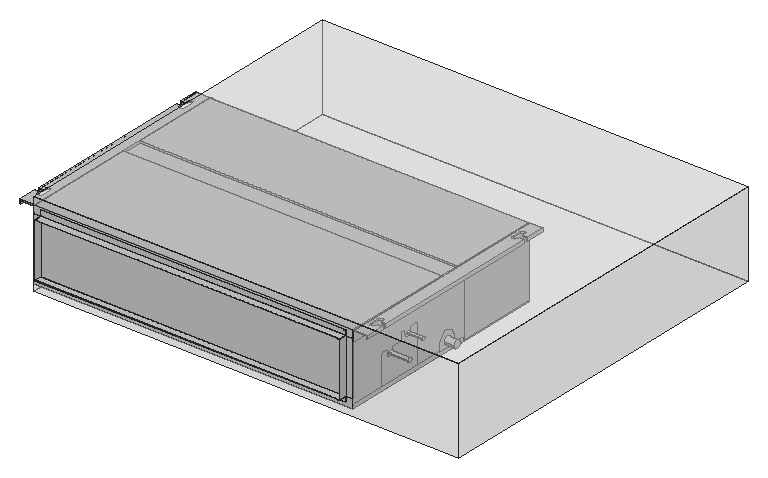
Revit family "outputfile", category 機械設備, Revit 2024
Family settings
  丸型コネクタ寸法 = 半径を使用
  パーツ タイプ = 標準
  OmniClass 番号 = 23.75.10.24.21.27.27
  OmniClass タイトル = Split System Air Conditioning Units
  作業面ベース = いいえ
  常に垂直 = はい
  ロード時にボイドで切り取り = いいえ
  注釈の向きを維持 = いいえ
  共有 = いいえ
  部屋計算ポイント = はい
Parameters (values of type "CDXM25RVMA")
  Description = ""
  書き出し IFC クラス(タイプ) = "IfcUnitaryEquipmentType"
  定義済み IFC タイプ(タイプ) = "AIRCONDITIONINGUNIT"
  Cost = 0
  Type Comments = ""
  Keynote = ""
  Type Image = (empty or 0)
  Assembly Code = ""
  switch_frequency = yes
  ld_powersupply = Depth / 2  # 310.0 mm
  製造元 = "Daikin"
  モデル = "CDXM25RVMA"
  r_Liquid Pipe Size = Liquid Pipe Size / 2  # 3.2 mm
  r_Gas Pipe Size = Gas Pipe Size / 2  # 4.75 mm
  r_Drain Pipe Size = Drain Pipe Size / 2  # 10.0 mm
  lw_powersupply = 50.0 mm  # constant formula
  lw_ductflange2 = 820.0 mm
  lw_Width = 860.0 mm
  lh_suctionflange [instance] = 100.0 mm  # constant formula
  ld_suctionflange [instance] = if(Rear Connection_Return Air, 190.0 mm, 100.0 mm)  # 190.0 mm
  connector_voltage = Voltage_50Hz  # 230 V
  connector_powerinput = if([Power Input (Cooling)] > [Power Input (Heating)], [Power Input (Cooling)], [Power Input (Heating)])  # 0.000 kW
  connector_phase = Phase_50Hz  # 1
  angle_vertical_RA [instance] = if(Rear Connection_Return Air, 90.00°, 0.00°)  # 90.00°
  angle horizontal_RA [instance] = if(Rear Connection_Return Air, 180.00°, 270.00°)  # 180.00°
  Voltage_comment_50Hz = "220 - 240"
  Voltage_50Hz = 230 V
  URL = ""
  Supply Air Direction [instance] = yes
  Sound Power Level_H speed (dB) = 0
  Rear Connection_Return Air [instance] = not(Bottom Connection_Return Air)  # yes
  RA_length [instance] = if(Rear Connection_Return Air, 190.0 mm, 100.0 mm)  # 190.0 mm
  Phase_50Hz = 1
  Minimum External Static Pressure = 0.00 Pa
  Minimum Circuit Amps_50Hz = 0.0 A
  Maximum Fuse Amps_50Hz = 0.0 A
  Maximum External Static Pressure = 40.00 Pa
  Material_Casing = DAIKIN_GalvanizedSteel_Casing_indoorunit
  lw_liquidpipe = 46.0 mm  # constant formula
  lw_gaspipe = 57.0 mm  # constant formula
  lw_mountinghole = 940.0 mm
  lw_drainpipe = 30.0 mm  # constant formula
  lh_powersupply = 150.0 mm  # constant formula
  lh_liquidpipe = 90.0 mm  # constant formula
  lh_gaspipe = 113.0 mm  # constant formula
  lh_mountinghole = Height  # 200.0 mm
  lh_drainpipe = 170.0 mm  # constant formula
  lh_antena = 1.0 mm  # constant formula
  ld_liquidpipe = 193.0 mm  # constant formula
  ld_gaspipe = 130.0 mm  # constant formula
  ld_mountinghole = 500.0 mm  # constant formula
  ld_drainpipe = 330.0 mm  # constant formula
  ld_controlbox = 626.0 mm  # constant formula
  h*** = 0.0 mm  # constant formula
  d_dischargeflange = 21.2 mm  # constant formula
  Width = 900.0 mm
  Version = "ver.1.0"
  Unit Type = "Duct(L.S.P)"
  Unit Mass Weight = 25.00 kg
  Unit Designation [instance] = ""
  Uniclass2015Version = "Products v1.30"
  Uniclass2015Title = "Split coil room air conditioning units"
  Uniclass2015Code = "Pr_70_65_03_86"
  Total Heating Capacity [instance] = 0.000 kW
  Total Cooling Capacity [instance] = 0.000 kW
  Sound Pressure Level_M speed (dBA) = 33
  Sound Pressure Level_L speed (dBA) = 31
  Sound Pressure Level_H speed (dBA) = 35
  Series = "Multi Split_Fan Coil Unit"
  Sensible Cooling Capacity [instance] = 0.000 kW
  SA Duct Size Width = 860.0 mm
  SA Duct Size Height = 153.0 mm
  Refrigerant Type = "R32"
  RA Duct Size Width = 780.0 mm
  RA Duct Size Height = 160.0 mm
  Power Input (Heating) = 0.000 kW
  Power Input (Cooling) = 0.000 kW
  Option Accessory 3 [instance] = ""
  Option Accessory 2 [instance] = ""
  Option Accessory 1 [instance] = ""
  Nominal Heating Capacity = 3.400 kW
  Nominal Cooling Capacity = 2.500 kW
  Minimum Airflow = 480.00 m³/h
  Median Airflow = 528.00 m³/h
  Maximum Airflow = 570.00 m³/h
  Load Classification = HVAC
  Liquid Pipe Size = 6.4 mm
  Link_Nested Family [instance] = ""
  IfcVersion = ""
  IfcExportType = "AIRCONDITIONINGUNIT"
  IfcExportAs = "IfcUnitaryEquipmentType"
  Height = 200.0 mm
  Heating Entering Wet Bulb Temperature [instance] = 0.00 °C
  Heating Entering Dry Bulb Temperature [instance] = 0.00 °C
  Heating Ambient Wet Bulb Temperature [instance] = 0.00 °C
  Heating Ambient Dry Bulb Temperature [instance] = 0.00 °C
  Heat Exchanger Type = "Cross Fin Coil"
  Gas Pipe Size = 9.5 mm
  Frequency_50Hz = 50 Hz
  Fan Type = "Sirocco Fan"
  Fan Drive = "Direct Drive"
  FCU Tag No. [instance] = ""
  Drain Pipe Size = 20.0 mm
  Design Supply Airflow [instance] = 0.00 m³/h
  Design Return Airflow [instance] = 0.00 m³/h
  Design External Static Pressure [instance] = 0.00 Pa
  Depth = 620.0 mm
  既定の高さ = 0.0 mm
  Cooling Entering Wet Bulb Temperature [instance] = 0.00 °C
  Cooling Entering Dry Bulb Temperature [instance] = 0.00 °C
  Cooling Ambient Wet Bulb Temperature [instance] = 0.00 °C
  Cooling Ambient Dry Bulb Temperature [instance] = 0.00 °C
  Clearance visibility [instance] = yes
  Clearance Top = 20.0 mm
  Clearance Right = 300.0 mm
  Clearance Rear = 400.0 mm
  Clearance Left = 0.0 mm
  Clearance Front = 0.0 mm
  Clearance Bottom = 20.0 mm
  Bottom Connection_Return Air [instance] = no
Reference planes
  plane 1 "Center (Front/Back)": y = 0
  plane 2: z = 0
  plane 3 "Center (Left/Right)": x = 0
  plane 4 "Back": y = 310
  plane 5 "Front": y = -310
  plane 6 "Left": x = -450
  plane 7 "Right": x = 450
  plane 8 "Top": z = 0
  plane 9 "Bottom": z = -200
  plane 10: x = -470
  plane 11: x = 470
  plane 12: y = 250
  plane 13: z = 0
  plane 14 "Clearance Left": x = -450
  plane 15 "Clearance Right": x = 750
  plane 16 "Clearance Rear": y = 710
  plane 17 "Clearance Front": y = -310
  plane 18 "Clearance Top": z = 20
  plane 19 "Clearance Bottom": z = -220
  plane 20: y = -250
  plane 21: z = -21
  plane 22: z = -97.5
  plane 23: x = -40
  plane 24: y = 120
  plane 25: z = -100
  plane 26: y = -180
  plane 27: z = -113
  plane 28: y = -117
  plane 29: z = -90
  plane 30: y = 20
  plane 31: z = -170
  plane 32: x = 507
  plane 33: x = 496
  plane 34: x = 480
  plane 35: x = 400
  plane 36: z = -150
Forms (mm)
  Extrusion 1, solid, material "DAIKIN_GalvanizedSteel_Casing_indoorunit" <- "Material_Casing"
    sketch origin (0, 0, 0) x (1, 0, 0) y (0, 1, 0)
      loop
        line (-450, -310) -> (450, -310) -> (450, 310) -> (-450, 310) -> (-450, -310)
    from -200 to 0
  Extrusion 2, void
    sketch origin (0, 0, 1) x (1, 0, 0) y (0, 1, 0)
      loop
        line (-450, 61.5) -> (-450, 3.5) -> (450, 3.5) -> (450, 61.5) -> (-450, 61.5)
    from -1 to -7
  Extrusion 3, solid, material "DAIKIN_GalvanizedSteel_Casing_indoorunit" <- "Material_Casing", visible <- "Bottom Connection_Return Air"
    sketch origin (0, 0, 0) x (1, 0, 0) y (0, 0, 1)
      loop
        line (369, -200) -> (369, -1) -> (-449, -1) -> (-449, -200) -> (369, -200)
    from -310 to -309
  Extrusion 4, solid, material "DAIKIN_GalvanizedSteel_Casing_indoorunit" <- "Material_Casing", visible <- "Rear Connection_Return Air"
    sketch origin (0, 0, 0) x (1, 0, 0) y (0, 1, 0)
      loop
        line (-449, 310) -> (-449, 111) -> (369, 111) -> (369, 310) -> (-449, 310)
    from -200 to -199
  Extrusion 5, solid, material "DAIKIN_GalvanizedSteel_Casing_indoorunit" <- "Material_Casing"
    sketch origin (450, 0, 0) x (0, 1, 0) y (0, 0, 1)
      loop
        circle (-180, -113) r 4.75
    from 0 to 57
  Extrusion 6, solid, material "DAIKIN_GalvanizedSteel_Casing_indoorunit" <- "Material_Casing"
    sketch origin (450, 0, 0) x (0, 1, 0) y (0, 0, 1)
      loop
        circle (-117, -90) r 3.2
    from 0 to 46
  Extrusion 7, solid, material "DAIKIN_GalvanizedSteel_Casing_indoorunit" <- "Material_Casing"
    sketch origin (450, 0, 0) x (0, 1, 0) y (0, 0, 1)
      loop
        circle (20, -170) r 10
    from 0 to 30
  Extrusion 8, solid, material "DAIKIN_GalvanizedSteel_Casing_indoorunit" <- "Material_Casing"
    sketch origin (450, 0, 0) x (0, 1, 0) y (0, 0, 1)
      loop
        line (-310, -200) -> (78.6, -200) -> (78.6, -193)
        arc (78.6, -193) -> (77.721, -190.879) -> (75.6, -190) r 3
        line (75.6, -190) -> (-310, -190) -> (-310, -200)
    from 0 to -1
  Extrusion 9, solid, material "DAIKIN_GalvanizedSteel_Casing_indoorunit" <- "Material_Casing"
    sketch origin (450, 0, 0) x (0, 1, 0) y (0, 0, 1)
      loop
        line (-210, -190) -> (-85.6, -190) -> (-85.6, -83)
        arc (-85.6, -83) -> (-86.479, -80.879) -> (-88.6, -80) r 3
        line (-88.6, -80) -> (-102, -80)
        arc (-102, -80) -> (-104.121, -80.879) -> (-105, -83) r 3
        line (-105, -83) -> (-105, -90)
        arc (-105, -90) -> (-117, -102) -> (-129, -90) r 12
        line (-129, -90) -> (-129, -83)
        arc (-129, -83) -> (-129.879, -80.879) -> (-132, -80) r 3
        line (-132, -80) -> (-136.1, -80)
        arc (-136.1, -80) -> (-138.221, -80.879) -> (-139.1, -83) r 3
        line (-139.1, -83) -> (-139.1, -102.7) -> (-165, -102.7)
        arc (-165, -102.7) -> (-167.121, -103.579) -> (-168, -105.7) r 3
        line (-168, -105.7) -> (-168, -113)
        arc (-168, -113) -> (-180, -125) -> (-192, -113) r 12
        line (-192, -113) -> (-192, -105.7)
        arc (-192, -105.7) -> (-192.879, -103.579) -> (-195, -102.7) r 3
        line (-195, -102.7) -> (-207, -102.7)
        arc (-207, -102.7) -> (-209.121, -103.579) -> (-210, -105.7) r 3
        line (-210, -105.7) -> (-210, -190)
    from 0 to -1
  Extrusion 10, solid, material "DAIKIN_GalvanizedSteel_Casing_indoorunit" <- "Material_Casing"
    sketch origin (450, 0, 0) x (0, 1, 0) y (0, 0, 1)
      loop
        arc (44.5, -170) -> (20, -145.5) -> (-4.5, -170) r 24.5
        line (-4.5, -170) -> (-4.5, -190) -> (44.5, -190) -> (44.5, -170)
    from 0 to -1
  Extrusion 11, solid, material "DAIKIN_GalvanizedSteel_Casing_indoorunit" <- "Material_Casing"
    sketch origin (450, 0, 0) x (0, 1, 0) y (0, 0, 1)
      loop
        arc (86.6, -22) -> (84.479, -22.879) -> (83.6, -25) r 3
        line (83.6, -25) -> (83.6, -194.5)
        arc (83.6, -194.5) -> (84.479, -196.621) -> (86.6, -197.5) r 3
        line (86.6, -197.5) -> (307, -197.5)
        arc (307, -197.5) -> (309.121, -196.621) -> (310, -194.5) r 3
        line (310, -194.5) -> (310, -25)
        arc (310, -25) -> (309.121, -22.879) -> (307, -22) r 3
        line (307, -22) -> (86.6, -22)
    from 0 to -1
Cuts and joins
  Extrusion 2 cuts Extrusion 1
Dimensions and locks
  "Height": plane 8 "Top" to plane 9 "Bottom"
  equal spacing: plane 10, plane 3 "Center (Left/Right)", plane 11
  "lw_mountinghole": plane 10 to plane 11
  equal spacing: plane 6 "Left", plane 3 "Center (Left/Right)", plane 7 "Right"
  "Width": plane 6 "Left" to plane 7 "Right"
  "Clearance Right": plane 7 "Right" to plane 15 "Clearance Right"
  "Clearance Left": plane 14 "Clearance Left" to plane 6 "Left"
  "Clearance Rear": plane 16 "Clearance Rear" to plane 4 "Back"
  "Clearance Front": plane 5 "Front" to plane 17 "Clearance Front"
  "Clearance Top": plane 18 "Clearance Top" to plane 8 "Top"
  "Clearance Bottom": plane 9 "Bottom" to plane 19 "Clearance Bottom"
  "Depth": plane 4 "Back" to plane 5 "Front"
  equal spacing: plane 4 "Back", plane 1 "Center (Front/Back)", plane 5 "Front"
  Extrusion 3 sketch curve to Extrusion 3 sketch curve = 199.0 mm
  locked: plane 20 to plane 5 "Front" at 60
  "ld_mountinghole": plane 12 to plane 20
  locked: plane 8 "Top" to plane 21 at 21
  locked: plane 23 to plane 3 "Center (Left/Right)" at 40
  "ld_suctionflange": plane 4 "Back" to plane 24
  "lh_suctionflange": plane 8 "Top" to plane 25
  "ld_gaspipe": plane 26 to plane 5 "Front"
  "lh_gaspipe": plane 8 "Top" to plane 27
  "ld_liquidpipe": plane 28 to plane 5 "Front"
  "lh_liquidpipe": plane 8 "Top" to plane 29
  "ld_drainpipe": plane 30 to plane 5 "Front"
  "lh_drainpipe": plane 8 "Top" to plane 31
  "lw_gaspipe": plane 7 "Right" to plane 32
  "lw_liquidpipe": plane 7 "Right" to plane 33
  "lw_drainpipe": plane 7 "Right" to plane 34
  "lw_powersupply": plane 35 to plane 7 "Right"
  "lh_powersupply": plane 8 "Top" to plane 36
  "r_Gas Pipe Size": radius of Extrusion 5 sketch curve
  "r_Liquid Pipe Size": radius of Extrusion 6 sketch curve
  "r_Drain Pipe Size": radius of Extrusion 7 sketch curve
  aligned and locked: level to plane 2
  aligned and locked: Extrusion 1 to plane 9 "Bottom"
  aligned and locked: plane 8 "Top" to Extrusion 1
  aligned and locked: plane 11 to nested 2
  aligned and locked: plane 10 to nested 3
  aligned and locked: plane 10 to nested 4
  aligned and locked: plane 8 "Top" to Extrusion 2
  aligned and locked: plane 9 "Bottom" to Extrusion 4  (x2)
  aligned and locked: plane 7 "Right" to cut or joined group of Extrusion 1, Extrusion 2  (x2)
  aligned and locked: plane 3 "Center (Left/Right)" to nested 9
  aligned and locked: plane 6 "Left" to nested 7
  aligned and locked: plane 8 "Top" to nested 9
  aligned and locked: plane 11 to nested 1
  aligned and locked: nested 6 to plane 1 "Center (Front/Back)"
  aligned and locked: plane 3 "Center (Left/Right)" to nested 6
  aligned and locked: level to plane 8 "Top"
  aligned and locked: plane 1 "Center (Front/Back)" to nested 9
  aligned and locked: plane 5 "Front" to nested 10
  aligned and locked: Extrusion 1 sketch curve to plane 5 "Front"
  aligned and locked: plane 21 to nested 10
  aligned and locked: nested 5 to plane 5 "Front"
  aligned and locked: plane 3 "Center (Left/Right)" to nested 5
  aligned and locked: plane 22 to nested 5
  aligned and locked: Extrusion 2 sketch curve to plane 6 "Left"
  aligned and locked: plane 7 "Right" to Extrusion 2 sketch curve
  aligned and locked: nested 11 to plane 23
  aligned and locked: nested 11 to plane 24
  aligned and locked: plane 27 to Extrusion 5 sketch curve
  aligned and locked: plane 26 to Extrusion 5 sketch curve
  aligned and locked: plane 28 to Extrusion 6 sketch curve
  aligned and locked: plane 29 to Extrusion 6 sketch curve
  aligned and locked: plane 31 to Extrusion 7 sketch curve
  aligned and locked: plane 30 to Extrusion 7 sketch curve
  aligned and locked: plane 26 to nested 12
  aligned and locked: nested 12 to plane 27
  aligned and locked: plane 32 to Extrusion 5
  aligned and locked: plane 32 to nested 12
  aligned and locked: plane 33 to Extrusion 6
  aligned and locked: plane 28 to nested 13
  aligned and locked: nested 13 to plane 29
  aligned and locked: plane 33 to nested 13
  aligned and locked: plane 34 to Extrusion 7
  aligned and locked: plane 30 to nested 14
  aligned and locked: nested 14 to plane 31
  aligned and locked: plane 34 to nested 14
  aligned and locked: Extrusion 8 sketch curve to plane 9 "Bottom"
  aligned and locked: Extrusion 8 sketch curve to plane 5 "Front"
  aligned and locked: plane 14 "Clearance Left" to nested 15
  aligned and locked: plane 15 "Clearance Right" to nested 15
  aligned and locked: plane 16 "Clearance Rear" to nested 15
  aligned and locked: nested 15 to plane 17 "Clearance Front"
  aligned and locked: nested 15 to plane 18 "Clearance Top"
  aligned and locked: nested 15 to plane 19 "Clearance Bottom"
  aligned and locked: nested 16 to plane 35
  aligned and locked: nested 16 to plane 36
  aligned and locked: plane 4 "Back" to nested 16
Automatic sketch dimensions
  Extrusion 1 sketch curve to plane 4 "Back" = 0.0 mm
  Extrusion 1 sketch curve to plane 6 "Left" = 0.0 mm
  Extrusion 1 sketch curve to plane 7 "Right" = 0.0 mm
  Extrusion 4 sketch curve to plane 4 "Back" = 0.0 mm
  plane 6 "Left" to Extrusion 3 sketch curve = 1.0 mm
  plane 6 "Left" to Extrusion 4 sketch curve = 1.0 mm
  Extrusion 4 sketch curve to plane 1 "Center (Front/Back)" = 111.0 mm
  Extrusion 3 sketch curve to plane 9 "Bottom" = 0.0 mm
  Extrusion 3 sketch curve to plane 7 "Right" = 81.0 mm
  Extrusion 4 sketch curve to plane 7 "Right" = 81.0 mm
  Extrusion 2 sketch curve to plane 1 "Center (Front/Back)" = 3.5 mm
  Extrusion 2 sketch curve to Extrusion 2 sketch curve = 58.0 mm
  plane 9 "Bottom" to Extrusion 8 sketch curve = 7.0 mm
  Extrusion 8 sketch curve to plane 24 = 44.4 mm
  Extrusion 8 sketch curve to Extrusion 8 sketch curve = 3.0 mm
  Extrusion 9 sketch curve to plane 27 = 0.0 mm
  Extrusion 9 sketch curve to plane 26 = 0.0 mm
  Extrusion 9 sketch curve to plane 29 = 0.0 mm
  Extrusion 9 sketch curve to plane 28 = 0.0 mm
  Extrusion 9 sketch curve to plane 26 = 12.0 mm
  Extrusion 9 sketch curve to plane 25 = 2.7 mm  (x2)
  Extrusion 9 sketch curve to Extrusion 9 sketch curve = 3.0 mm  (x6)
  Extrusion 9 sketch curve to Extrusion 9 sketch curve = 12.0 mm
  plane 9 "Bottom" to Extrusion 9 sketch curve = 10.0 mm
  Extrusion 9 sketch curve to plane 26 = 30.0 mm
  Extrusion 9 sketch curve to plane 28 = 22.1 mm
  Extrusion 9 sketch curve to Extrusion 9 sketch curve = 4.1 mm
  plane 29 to Extrusion 9 sketch curve = 7.0 mm  (x2)
  Extrusion 9 sketch curve to Extrusion 9 sketch curve = 13.4 mm
  Extrusion 10 sketch curve to plane 30 = 0.0 mm
  Extrusion 10 sketch curve to plane 31 = 0.0 mm
  plane 1 "Center (Front/Back)" to Extrusion 10 sketch curve = 4.5 mm
  plane 9 "Bottom" to Extrusion 10 sketch curve = 10.0 mm
  Extrusion 11 sketch curve to plane 4 "Back" = 0.0 mm
  Extrusion 11 sketch curve to Extrusion 11 sketch curve = 3.0 mm  (x3)
  Extrusion 11 sketch curve to plane 21 = 1.0 mm
  Extrusion 11 sketch curve to plane 21 = 4.0 mm
  Extrusion 11 sketch curve to plane 24 = 33.4 mm
  plane 9 "Bottom" to Extrusion 11 sketch curve = 5.5 mm
Nested families
  nested 1: "daikin_mountinghole" at (470, 250, -200), l_antenna <- "lh_antena", Link_Nested Family <- "Link_Nested Family", h_mountinghole <- "lh_mountinghole", type "daikin_mountinghole"
    with show yes, l_antenna 1.0 mm, h_mountinghole 200.0 mm, Link_Nested Family ""
  nested 2: "daikin_mountinghole" at (470, -250, -200), Link_Nested Family <- "Link_Nested Family", l_antenna <- "lh_antena", h_mountinghole <- "lh_mountinghole", type "daikin_mountinghole"
    with show yes, l_antenna 1.0 mm, h_mountinghole 200.0 mm, Link_Nested Family ""
  nested 3: "daikin_mountinghole" at (-470, -250, -200), l_antenna <- "lh_antena", Link_Nested Family <- "Link_Nested Family", h_mountinghole <- "lh_mountinghole", type "daikin_mountinghole"
    with show yes, l_antenna 1.0 mm, h_mountinghole 200.0 mm, Link_Nested Family ""
  nested 4: "daikin_mountinghole" at (-470, 250, -200), l_antenna <- "lh_antena", Link_Nested Family <- "Link_Nested Family", h_mountinghole <- "lh_mountinghole", type "daikin_mountinghole"
    with show yes, l_antenna 1.0 mm, h_mountinghole 200.0 mm, Link_Nested Family ""
  nested 5: "daikin_connector_rotate2" at (0, -310, -97.5), length <- "d_dischargeflange", type "daikin_connector_rotate2"
    with radius 10.0 mm, length 21.2 mm, angle_vertical 90.00°, show_face no
  nested 6: "daikin_△_symbolicline" at (-75, -129.904, 200) x (-0.5, 0.866, 0) z (0, 0, 1), built-in parameter 1001364 <- "Height", visible <- "Supply Air Direction", type "daikin_△_symbolicline"
    with length 300.0 mm
  nested 7: "daikin_ductflange_CDXM-RVMA_1" at (-40, 310, -100), visible <- "Rear Connection_Return Air", material <- "Material_Casing", width <- "lw_ductflange2", type "daikin_ductflange_CDXM-RVMA_1"
    with width 820.0 mm, material DAIKIN_GalvanizedSteel_Casing_indoorunit, height 180.0 mm, depth 21.2 mm
  nested 8: "daikin_ductflange_CDXM-RVMA_1" at (-40, 210, -200) x (1, 0, 0) z (0, 1, 0), visible <- "Bottom Connection_Return Air", material <- "Material_Casing", width <- "lw_ductflange2", type "daikin_ductflange_CDXM-RVMA_1"
    with width 820.0 mm, material DAIKIN_GalvanizedSteel_Casing_indoorunit, height 180.0 mm, depth 21.2 mm
  nested 9: "daikin_hangerfixture_CDXM-RVMA" at (0, 0, 0), type "daikin_hangerfixture_CDXM-RVMA"
    with width 900.0 mm
  nested 10: "daikin_ductflange_CDXM-RVMA" at (0, 3.5, -364.201), width <- "lw_Width", material <- "Material_Casing", type "daikin_ductflange_CDXM-RVMA"
    with width 860.0 mm, material DAIKIN_GalvanizedSteel_Casing_indoorunit, height 155.0 mm, depth 21.2 mm
  nested 11: "daikin_connector_rotate3" at (-40, 120, -100), length <- "RA_length", angle_vertical <- "angle_vertical_RA", angle_horizontal <- "angle horizontal_RA", type "daikin_connector_rotate3"
    with show no, radius 10.0 mm, length 190.0 mm, angle_vertical 90.00°, angle_horizontal 180.00°
  nested 12: "daikin_connector_rotate2" at (450, -180, -113) x (0, 1, 0) z (0, 0, 1), length <- "lw_gaspipe", radius <- "r_Gas Pipe Size", type "daikin_connector_rotate2"
    with radius 4.75 mm, length 57.0 mm, angle_vertical 90.00°, show_face no
  nested 13: "daikin_connector_rotate2" at (450, -117, -90) x (0, 1, 0) z (0, 0, 1), radius <- "r_Liquid Pipe Size", length <- "lw_liquidpipe", type "daikin_connector_rotate2"
    with radius 3.2 mm, length 46.0 mm, angle_vertical 90.00°, show_face no
  nested 14: "daikin_connector_rotate2" at (450, 20, -170) x (0, 1, 0) z (0, 0, 1), radius <- "r_Drain Pipe Size", length <- "lw_drainpipe", type "daikin_connector_rotate2"
    with radius 10.0 mm, length 30.0 mm, angle_vertical 90.00°, show_face no
  nested 15: "daikin_clearancespace" at (150, 200, -99.881), visible <- "Clearance visibility", Link_Nested Family <- "Link_Nested Family", show <- "Clearance visibility", type "daikin_clearancespace"
    with width 1200.0 mm, show yes, height 240.0 mm, depth 1020.0 mm, Link_Nested Family ""
  nested 16: "daikin_connector_rotate2" at (400, 0, -150) x (-1, 0, 0) z (0, 0, 1), length <- "ld_powersupply", type "daikin_connector_rotate2"
    with radius 10.0 mm, length 310.0 mm, angle_vertical 90.00°, show_face no
Connectors
  hvac at (0, -331.2, -97.5), driven by "SA Duct Size Height", driven by "SA Duct Size Width"
    settings: on nested 5, index 1, duct flow 0.00 m³/h, flow factor 0, pres drop 0.00 Pa, loss coef 0, conn angle 0.00°, conn width 860.0 mm, conn height 153.0 mm, conn diameter 609.6 mm, duct sys type 1, conn prof type 1, flow config 0, flow direction 2, loss method 4, conn ref index -1, conn util no, is conn primary yes, conn desc "SA Duct"
  hvac at (-40, 310, -100), driven by "RA Duct Size Height", driven by "RA Duct Size Width"
    settings: on nested 11, index 2, duct flow 0.00 m³/h, flow factor 0, pres drop 0.00 Pa, loss coef 0, conn angle 0.00°, conn width 780.0 mm, conn height 160.0 mm, conn diameter 609.6 mm, duct sys type 2, conn prof type 1, flow config 0, flow direction 1, loss method 4, conn ref index -1, conn util no, is conn primary no, conn desc "RA Duct"
  piping at (507, -180, -113), diameter 9.5, driven by "r_Gas Pipe Size"
    settings: on nested 12, index 3, connector inside diameter 609.6 mm, connector length 0.0 mm, flow factor 0, pipe flow 0.00 m³/h, pressure drop 0.0 Pa, fitting loss kfactor 0, connector angle 0.00°, fixture units 0, engagement length 0.0 mm, angle of deflection 0.00°, flow configuration 1, flow direction 2, fitting loss method 0, system type 29, joint type 0, gender type 0, connector reference index -1, connector utility 0, adjustable connector no, is connector primary yes, connector description "Refrigerant Gas Piping"
  piping at (496, -117, -90), diameter 6.4, driven by "r_Liquid Pipe Size"
    settings: on nested 13, index 4, connector inside diameter 609.6 mm, connector length 0.0 mm, flow factor 0, pipe flow 0.00 m³/h, pressure drop 0.0 Pa, fitting loss kfactor 0, connector angle 0.00°, fixture units 0, engagement length 0.0 mm, angle of deflection 0.00°, flow configuration 1, flow direction 1, fitting loss method 0, system type 29, joint type 0, gender type 0, connector reference index -1, connector utility 0, adjustable connector no, is connector primary no, connector description "Refrigerant Liquid Piping"
  piping at (480, 20, -170), diameter 20, driven by "r_Drain Pipe Size"
    settings: on nested 14, index 5, connector inside diameter 609.6 mm, connector length 0.0 mm, flow factor 0, pipe flow 0.00 m³/h, pressure drop 0.0 Pa, fitting loss kfactor 0, connector angle 0.00°, fixture units 0, engagement length 0.0 mm, angle of deflection 0.00°, flow configuration 1, flow direction 2, fitting loss method 4, system type 16, joint type 0, gender type 0, connector reference index -1, connector utility 0, adjustable connector no, is connector primary no, connector description "Condensate Drain Piping"
  electrical at (400, 310, -150), driven by "Load Classification", driven by "connector_phase", driven by "connector_voltage", driven by "connector_powerinput"
    settings: on nested 16, index 6, voltage 230 V, apparent load 0 VA, apparent load phase1 0 VA, apparent load phase2 0 VA, apparent load phase3 0 VA, power factor 1, load classification "HVAC", number of poles 1, system type 30, power factor state 1, is connector primary yes, connector utility no, sub classification motor no, connector description "Power Supply"
Definition of nested family "daikin_ductflange_CDXM-RVMA_1"
  Parameters (values of type "daikin_ductflange_CDXM-RVMA_1")
    width [instance] = 620.0 mm
    material [instance] = none
    height [instance] = 180.0 mm
    depth [instance] = 21.2 mm
    Default Elevation = 0.0 mm
  Reference planes
    plane 1 "Center (Front/Back)": y = 0
    plane 2: z = 0
    plane 3 "Center (Left/Right)": x = 0
    plane 4: x = -310
    plane 5: x = 310
    plane 6: z = 90
    plane 7: z = -90
    plane 8: z = 100
    plane 9: z = -100
    plane 10: x = -309
    plane 11: x = 309
  Forms (mm)
    Extrusion 1, solid, material <- "material"
      sketch origin (0, 0, 0) x (1, 0, 0) y (0, 0, 1)
        loop
          line (-290, 80) -> (-290, -80) -> (290, -80) -> (290, 80) -> (-290, 80)
        loop
          line (-309, -99) -> (309, -99) -> (309, 99) -> (-309, 99) -> (-309, -99)
      from 0 to 1
  Dimensions and locks
    equal spacing: plane 5, plane 3 "Center (Left/Right)", plane 4, locked at 310 each
    "width": plane 5 to plane 4
    equal spacing: plane 6, level, plane 7, locked at 90 each
    "height": plane 6 to plane 7
    equal spacing: plane 8, level, plane 9, locked at 100 each
    locked: plane 8 to plane 9 at 200
    plane 10 to plane 4 = 1.0 mm
    locked: plane 5 to plane 11 at 1
    locked: Extrusion 1 sketch curve to Extrusion 1 sketch curve at 19  (x4)
    locked: plane 8 to Extrusion 1 sketch curve at 1
    locked: Extrusion 1 sketch curve to plane 9 at 1
    aligned and locked: level to plane 2
  Automatic sketch dimensions
    plane 4 to Extrusion 1 sketch curve = 1.0 mm
    Extrusion 1 sketch curve to plane 5 = 1.0 mm
Definition of nested family "daikin_hangerfixture_CDXM-RVMA"
  Parameters (values of type "daikin_hangerfixture_CDKS-EAVMA")
    width = 700.0 mm
    material = none
    height = 30.0 mm
    depth = 618.0 mm
    Default Elevation = 0.0 mm
  Reference planes
    plane 1 "Center (Front/Back)": y = 0
    plane 2: z = 0
    plane 3 "Center (Left/Right)": x = 0
    plane 4: x = 350
    plane 5: y = 309
    plane 6: y = -309
    plane 7: x = -350
    plane 8: z = -30
  Forms (mm)
    Extrusion 1, solid, material <- "material"
      sketch origin (0, 0, 0) x (1, 0, 0) y (0, 0, 1)
        loop
          line (350, 0) -> (350, -30) -> (352.3, -30) -> (352.3, -2.3) -> (387.7, -2.3) -> (387.7, -10) -> (390, -10) -> (390, 0) -> (350, 0)
      from -309 to 309
    Extrusion 2, void
      sketch origin (0, 0, 0) x (0, 1, 0) y (0, 0, 1)
        loop
          line (309, -30) -> (309, -17.979) -> (87.935, -17.979) -> (75.914, -30) -> (309, -30)
      from 0 to 450
    Extrusion 3, void
      sketch origin (0, 0, 0) x (1, 0, 0) y (0, 1, 0)
        loop
          line (390, -243.5) -> (377, -243.5) -> (377, -237)
          arc (377, -237) -> (370, -230) -> (363, -237) r 7
          line (363, -237) -> (363, -263)
          arc (363, -263) -> (370, -270) -> (377, -263) r 7
          line (377, -263) -> (377, -256.5) -> (390, -256.5) -> (390, -243.5)
        loop
          line (390, 243.5) -> (390, 256.5) -> (377, 256.5) -> (377, 263)
          arc (377, 263) -> (370, 270) -> (363, 263) r 7
          line (363, 263) -> (363, 237)
          arc (363, 237) -> (370, 230) -> (377, 237) r 7
          line (377, 237) -> (377, 243.5) -> (390, 243.5)
      from -254.96 to 618
    Extrusion 4, solid, material <- "material"
      sketch origin (0, 0, 0) x (-1, 0, 0) y (0, 0, -1)
        loop
          line (350, 0) -> (390, 0) -> (390, 10) -> (387.7, 10) -> (387.7, 2.3) -> (352.3, 2.3) -> (352.3, 30) -> (350, 30) -> (350, 0)
      from -309 to 309
    Extrusion 5, void
      sketch origin (0, 0, 0) x (-1, 0, 0) y (0, -1, 0)
        loop
          line (390, 243.5) -> (390, 256.5) -> (377, 256.5) -> (377, 263)
          arc (377, 263) -> (370, 270) -> (363, 263) r 7
          line (363, 263) -> (363, 237)
          arc (363, 237) -> (370, 230) -> (377, 237) r 7
          line (377, 237) -> (377, 243.5) -> (390, 243.5)
        loop
          line (390, -243.5) -> (377, -243.5) -> (377, -237)
          arc (377, -237) -> (370, -230) -> (363, -237) r 7
          line (363, -237) -> (363, -263)
          arc (363, -263) -> (370, -270) -> (377, -263) r 7
          line (377, -263) -> (377, -256.5) -> (390, -256.5) -> (390, -243.5)
      from -254.96 to 618
  Cuts and joins
    Extrusion 2, Extrusion 3, Extrusion 5 cuts Extrusion 1
    Extrusion 5 cuts Extrusion 4
  Dimensions and locks
    equal spacing: plane 5, plane 1 "Center (Front/Back)", plane 6
    "depth": plane 5 to plane 6
    plane 6 to plane 1 "Center (Front/Back)" to plane 5 = 309.0 mm, 309.0 mm
    equal spacing: plane 4, plane 3 "Center (Left/Right)", plane 7
    "width": plane 4 to plane 7
    "height": level to plane 8
    aligned and locked: level to plane 2
    aligned and locked: plane 5 to Extrusion 1
    aligned and locked: Extrusion 1 to plane 6
    aligned and locked: Extrusion 1 to plane 4
    aligned and locked: plane 5 to cut or joined group of Extrusion 1, Extrusion 2, Extrusion 3, Extrusion 5
    aligned and locked: cut or joined group of Extrusion 1, Extrusion 2, Extrusion 3, Extrusion 5 to plane 6
    aligned and locked: level to cut or joined group of Extrusion 1, Extrusion 2, Extrusion 3, Extrusion 5
    aligned and locked: cut or joined group of Extrusion 1, Extrusion 2, Extrusion 3, Extrusion 5 to plane 8
    aligned and locked: plane 5 to cut or joined group of Extrusion 4, Extrusion 5
    aligned and locked: cut or joined group of Extrusion 4, Extrusion 5 to plane 6
  Automatic sketch dimensions
    Extrusion 1 sketch curve to plane 4 = 0.0 mm
    Extrusion 1 sketch curve to plane 8 = 0.0 mm
    Extrusion 1 sketch curve to level = 0.0 mm
    plane 4 to Extrusion 1 sketch curve = 2.3 mm
    Extrusion 1 sketch curve to level = 2.3 mm
    Extrusion 1 sketch curve to Extrusion 1 sketch curve = 35.4 mm
    Extrusion 1 sketch curve to Extrusion 1 sketch curve = 2.3 mm
    Extrusion 1 sketch curve to Extrusion 1 sketch curve = 7.7 mm
    Extrusion 2 sketch curve to plane 8 = 0.0 mm
    Extrusion 2 sketch curve to plane 5 = 0.0 mm
    plane 8 to Extrusion 2 sketch curve = 12.021 mm
    Extrusion 2 sketch curve to plane 1 "Center (Front/Back)" = 87.935 mm
    Extrusion 2 sketch curve to Extrusion 2 sketch curve = 12.021 mm
    plane 4 to Extrusion 3 sketch curve = 13.0 mm  (x2)
    Extrusion 3 sketch curve to Extrusion 3 sketch curve = 7.0 mm  (x4)
    Extrusion 3 sketch curve to Extrusion 3 sketch curve = 13.0 mm  (x4)
    plane 6 to Extrusion 3 sketch curve = 46.0 mm
    Extrusion 3 sketch curve to Extrusion 3 sketch curve = 6.5 mm  (x4)
    Extrusion 3 sketch curve to plane 5 = 72.0 mm
    Extrusion 4 sketch curve to plane 7 = 0.0 mm
    Extrusion 4 sketch curve to plane 8 = 0.0 mm
    Extrusion 4 sketch curve to level = 0.0 mm
    Extrusion 4 sketch curve to plane 7 = 2.3 mm
    Extrusion 4 sketch curve to level = 2.3 mm
    Extrusion 4 sketch curve to Extrusion 4 sketch curve = 35.4 mm
    Extrusion 4 sketch curve to Extrusion 4 sketch curve = 2.3 mm
    Extrusion 4 sketch curve to Extrusion 4 sketch curve = 7.7 mm
    Extrusion 5 sketch curve to plane 7 = 13.0 mm  (x2)
    Extrusion 5 sketch curve to Extrusion 5 sketch curve = 7.0 mm  (x4)
    Extrusion 5 sketch curve to Extrusion 5 sketch curve = 13.0 mm  (x4)
    Extrusion 5 sketch curve to plane 5 = 46.0 mm
    Extrusion 5 sketch curve to Extrusion 5 sketch curve = 6.5 mm  (x4)
    plane 6 to Extrusion 5 sketch curve = 72.0 mm
Definition of nested family "daikin_ductflange_CDXM-RVMA"
  Parameters (values of type "daikin_ductflange_FXDQ-NDVET")
    width [instance] = 660.0 mm
    material [instance] = none
    height [instance] = 155.0 mm
    depth [instance] = 21.2 mm
    Default Elevation = 0.0 mm
  Reference planes
    plane 1 "Center (Front/Back)": y = 0
    plane 2: z = 189.201
    plane 3 "Center (Left/Right)": x = 0
    plane 4: y = -313.5
    plane 5: x = -330
    plane 6: x = 330
    plane 7: y = -334.7
    plane 8: z = 344.201
    plane 9: z = 266.701
    plane 10: z = 343.201
    plane 11: z = 190.201
  Forms (mm)
    Extrusion 1, solid, material <- "material"
      sketch origin (0, 0, 189.201) x (1, 0, 0) y (0, 1, 0)
        loop
          line (-330, -334.7) -> (-330, -313.5) -> (-350, -313.5) -> (-350, -314.5) -> (-331, -314.5) -> (-331, -334.7) -> (-330, -334.7)
        loop
          line (330, -334.7) -> (331, -334.7) -> (331, -314.5) -> (350, -314.5) -> (350, -313.5) -> (330, -313.5) -> (330, -334.7)
      from 1 to 154
    Extrusion 2, solid, material <- "material"
      sketch origin (0, 0, 0) x (0, 1, 0) y (0, 0, 1)
        loop
          line (-313.5, 343.201) -> (-313.5, 358.201) -> (-314.5, 358.201) -> (-314.5, 344.201) -> (-334.7, 344.201) -> (-334.7, 343.201) -> (-313.5, 343.201)
        loop
          line (-313.5, 190.201) -> (-334.7, 190.201) -> (-334.7, 189.201) -> (-314.5, 189.201) -> (-314.5, 175.201) -> (-313.5, 175.201) -> (-313.5, 190.201)
      from -330 to 330
  Dimensions and locks
    plane 4 to plane 1 "Center (Front/Back)" = 313.5 mm
    "depth": plane 7 to plane 4
    equal spacing: plane 8, plane 9, level
    "height": plane 8 to level
    equal spacing: plane 6, plane 3 "Center (Left/Right)", plane 5
    "width": plane 6 to plane 5
    locked: plane 8 to plane 10 at 1
    locked: plane 11 to level at 1
    locked: Extrusion 1 to Extrusion 2 sketch curve at 1
    locked: Extrusion 2 sketch curve to Extrusion 1 at 1
    plane 10 to plane 11 = 153.0 mm
    aligned and locked: level to plane 2
    aligned and locked: Extrusion 2 to plane 5
    aligned and locked: Extrusion 2 to plane 11
    aligned and locked: Extrusion 2 to plane 10
    aligned and locked: plane 6 to Extrusion 2
    aligned and locked: plane 5 to Extrusion 2  (x2)
    aligned and locked: plane 5 to Extrusion 1  (x2)
    aligned and locked: Extrusion 1 to plane 6
    aligned and locked: plane 6 to Extrusion 1
    aligned and locked: Extrusion 1 to plane 10
  Automatic sketch dimensions
    Extrusion 2 sketch curve to plane 7 = 0.0 mm  (x2)
    Extrusion 2 sketch curve to plane 4 = 0.0 mm  (x2)
    Extrusion 2 sketch curve to plane 11 = 0.0 mm
    Extrusion 2 sketch curve to plane 10 = 0.0 mm
    Extrusion 2 sketch curve to plane 4 = 1.0 mm  (x2)
    Extrusion 2 sketch curve to level = 14.0 mm
    plane 8 to Extrusion 2 sketch curve = 14.0 mm
    Extrusion 1 sketch curve to plane 4 = 0.0 mm  (x2)
    Extrusion 1 sketch curve to plane 7 = 0.0 mm  (x2)
    Extrusion 1 sketch curve to plane 5 = 0.0 mm
    Extrusion 1 sketch curve to plane 6 = 0.0 mm
    Extrusion 1 sketch curve to plane 5 = 1.0 mm
    Extrusion 1 sketch curve to Extrusion 1 sketch curve = 19.0 mm  (x2)
    Extrusion 1 sketch curve to Extrusion 1 sketch curve = 1.0 mm
    Extrusion 1 sketch curve to plane 4 = 1.0 mm  (x2)
Definition of nested family "daikin_clearancespace"
  Parameters (values of type "daikin_clearancespace")
    Description = "daikin_clearancespace"
    width [instance] = 1823.963 mm
    show [instance] = yes
    material = none
    height [instance] = 1359.762 mm
    depth [instance] = 880.0 mm
    Default Elevation = 0.0 mm
    Link_Nested Family [instance] = ""
  Reference planes
    plane 1 "Center (Front/Back)": y = 0
    plane 2 "Center (Elevation)": z = -0.119
    plane 3 "Center (Left/Right)": x = 0
    plane 4: y = 440
    plane 5: y = -440
    plane 6 "Right": x = 911.982
    plane 7 "Left": x = -911.982
    plane 8 "Top": z = 679.762
    plane 9 "Bottom": z = -680
  Forms (mm)
    Extrusion 1, solid, material <- "material", visible <- "show"
      sketch origin (0, 0, 0) x (1, 0, 0) y (0, 1, 0)
        loop
          line (-911.982, 440) -> (-911.982, -440) -> (911.982, -440) -> (911.982, 440) -> (-911.982, 440)
      from -680 to 679.762
  Lines and regions (mm)
    symbolic lines, visible <- "show"
      curve 1: line (911.982, 440, 0) -> (-911.982, 440, 0)
      curve 2: line (-911.982, 440, 0) -> (-911.982, -440, 0)
      curve 3: line (-911.982, -440, 0) -> (911.982, -440, 0)
      curve 4: line (911.982, -440, 0) -> (911.982, 440, 0)
      curve 5: line (911.982, 0, 679.762) -> (-911.982, 0, 679.762)
      curve 6: line (911.982, 0, -680) -> (911.982, 0, 679.762)
      curve 7: line (-911.982, 0, -680) -> (911.982, 0, -680)
      curve 8: line (-911.982, 0, 679.762) -> (-911.982, 0, -680)
      curve 9: line (0, 440, 679.762) -> (0, -440, 679.762)
      curve 10: line (0, -440, 679.762) -> (0, -440, -680)
      curve 11: line (0, 440, -680) -> (0, 440, 679.762)
      curve 12: line (0, -440, -680) -> (0, 440, -680)
  Dimensions and locks
    "width": plane 7 "Left" to plane 6 "Right"
    "depth": plane 4 to plane 5
    "height": plane 8 "Top" to plane 9 "Bottom"
    equal spacing: plane 7 "Left", plane 3 "Center (Left/Right)", plane 6 "Right"
    equal spacing: plane 4, plane 1 "Center (Front/Back)", plane 5
    equal spacing: plane 8 "Top", plane 2 "Center (Elevation)", plane 9 "Bottom"
    aligned and locked: level to plane 2 "Center (Elevation)"
    aligned and locked: Extrusion 1 sketch curve to plane 4
    aligned and locked: plane 7 "Left" to Extrusion 1 sketch curve
    aligned and locked: Extrusion 1 sketch curve to plane 5
    aligned and locked: Extrusion 1 sketch curve to plane 6 "Right"
    aligned and locked: plane 8 "Top" to Extrusion 1
    aligned and locked: curve 1 to Extrusion 1
    aligned and locked: curve 2 to Extrusion 1
    aligned and locked: curve 3 to Extrusion 1
    aligned and locked: curve 4 to Extrusion 1
    aligned and locked: curve 5 to Extrusion 1
    aligned and locked: curve 6 to Extrusion 1
    aligned and locked: curve 7 to Extrusion 1
    aligned and locked: curve 8 to Extrusion 1
    aligned and locked: curve 9 to Extrusion 1
    aligned and locked: curve 10 to Extrusion 1
    aligned and locked: curve 11 to Extrusion 1
    aligned and locked: curve 12 to Extrusion 1
    aligned and locked: Extrusion 1 to plane 9 "Bottom"
Definition of nested family "daikin_mountinghole"
  Parameters (values of type "daikin_mountinghole")
    Default Elevation = 1219.2 mm
    Type Comments = "mountinghole"
    show [instance] = yes
    material = none
    l_centerline = 100.0 mm
    l_antenna [instance] = 100.0 mm
    h_mountinghole [instance] = 0.0 mm
    d_circle = 30.0 mm
    Link_Nested Family [instance] = ""
  Reference planes
    plane 1 "Center (Front/Back)": y = 0
    plane 2: z = 0
    plane 3 "Center (Left/Right)": x = 0
    plane 4: y = 50
    plane 5: x = -50
    plane 6: x = 50
    plane 7: y = -50
    plane 8 "h_mountinghole": z = 0
    plane 9: z = 100
  Lines and regions (mm)
    model lines, detail levels fine
      curve 1: circle (0, 0, 0) r 15 normal (0, 0, 1)
      curve 2: line (-50, 0, 0) -> (50, 0, 0)
      curve 3: line (0, 50, 0) -> (0, -50, 0)
    symbolic lines, detail levels fine
      curve 4: circle (0, 0, 0) r 15 normal (0, 0, 1)
      curve 5: line (-50, 0, 0) -> (50, 0, 0)
      curve 6: line (0, 50, 0) -> (0, -50, 0)
    model lines
      curve 7: line (0, 0, 100) -> (0, 0, 0)
  Dimensions and locks
    equal spacing: plane 4, plane 1 "Center (Front/Back)", plane 7
    "l_centerline": plane 4 to plane 7
    equal spacing: plane 5, plane 3 "Center (Left/Right)", plane 6
    "l_centerline": plane 5 to plane 6
    "l_antenna": plane 9 to plane 8 "h_mountinghole"
    "h_mountinghole": plane 8 "h_mountinghole" to plane 2
    "d_circle": diameter of curve 1
    "d_circle": diameter of curve 4
    aligned and locked: level to plane 2
    aligned and locked: plane 1 "Center (Front/Back)" to curve 1
    aligned and locked: plane 3 "Center (Left/Right)" to curve 1
    aligned and locked: plane 1 "Center (Front/Back)" to curve 2
    aligned and locked: curve 3 to plane 3 "Center (Left/Right)"
    aligned and locked: plane 6 to curve 2
    aligned and locked: plane 5 to curve 2
    aligned and locked: plane 4 to curve 3
    aligned and locked: plane 7 to curve 3
    aligned and locked: plane 1 "Center (Front/Back)" to curve 4
    aligned and locked: plane 3 "Center (Left/Right)" to curve 4
    aligned and locked: plane 6 to curve 5
    aligned and locked: plane 5 to curve 5
    aligned and locked: plane 1 "Center (Front/Back)" to curve 5
    aligned and locked: plane 4 to curve 6
    aligned and locked: plane 7 to curve 6
    aligned and locked: curve 6 to plane 3 "Center (Left/Right)"
    aligned and locked: curve 7 to plane 3 "Center (Left/Right)"
    aligned and locked: plane 9 to curve 7
    aligned and locked: plane 8 "h_mountinghole" to curve 7
Definition of nested family "daikin_connector_rotate2"
  Parameters (values of type "daikin_connector_rotate2")
    show_face = yes
    radius [instance] = 10.0 mm
    length [instance] = 600.0 mm
    d_surface = 10.0 mm
    angle_vertical [instance] = 90.00°
    Default Elevation = 0.0 mm
  Reference planes
    plane 1 "Center (Front/Back)": y = 0
    plane 2: z = 0
    plane 3 "Center (Left/Right)": x = 0
  Forms (mm)
    Extrusion 1, solid, visible <- "show_face"
      sketch origin (0, -600, 0) x (1, 0, 0) y (0, 0, 1)
        loop
          circle (0, 0) r 10
      from 0 to -10
  Lines and regions (mm)
    reference lines
      curve 1: line (0, 0, 0) -> (0, -600, 0)
    symbolic lines
      curve 2: circle (0, 0, 0) r 5 normal (0, 0, 1)
    model lines, visible <- "show_face"
      curve 3: line (0, 0, 0) -> (0, -600, 0)
  Dimensions and locks
    "length": curve 1 to curve 1
    "length": curve 3 to curve 3
    "d_surface": Extrusion 1 to Extrusion 1
    "radius": radius of Extrusion 1 sketch curve
    "angle_vertical": angle curve 1 to plane 1 "Center (Front/Back)"
    "angle_vertical": angle curve 3 to plane 1 "Center (Front/Back)"
    aligned and locked: level to plane 2
    aligned and locked: plane 1 "Center (Front/Back)" to curve 1
    aligned and locked: plane 2 to curve 1
    aligned and locked: plane 1 "Center (Front/Back)" to curve 2
    aligned and locked: plane 3 "Center (Left/Right)" to curve 2
    aligned and locked: plane 1 "Center (Front/Back)" to curve 3
    aligned and locked: plane 2 to curve 3
    aligned and locked: Extrusion 1 to Extrusion 1
  Automatic sketch dimensions
    Extrusion 1 sketch curve to level = 0.0 mm
    Extrusion 1 sketch curve to plane 3 "Center (Left/Right)" = 0.0 mm
    radius of curve 2 = 5.0 mm
Definition of nested family "daikin_△_symbolicline"
  Parameters (values of type "daikin_△_symbolicline")
    length [instance] = 500.0 mm
    Default Elevation = 0.0 mm
  Reference planes
    plane 1 "Center (Front/Back)": y = 0
    plane 2: z = 0
    plane 3 "Center (Left/Right)": x = 0
  Lines and regions (mm)
    symbolic lines
      curve 1: line (0, -433.013, 0) -> (250, 0, 0)
      curve 2: line (250, 0, 0) -> (-250, 0, 0)
      curve 3: line (-250, 0, 0) -> (0, -433.013, 0)
  Dimensions and locks
    equal spacing: curve 3, plane 3 "Center (Left/Right)", curve 2
    "length": curve 3 to curve 2
    "length": curve 3 to curve 3
    "length": curve 1 to curve 1
    aligned and locked: level to plane 2
    aligned and locked: curve 2 to plane 1 "Center (Front/Back)"
    aligned and locked: plane 3 "Center (Left/Right)" to curve 3
Definition of nested family "daikin_connector_rotate3"
  Parameters (values of type "daikin_connector_rotate3")
    Default Elevation = 1219.2 mm
    show [instance] = yes
    radius [instance] = 10.0 mm
    length [instance] = 600.0 mm
    angle_horizontal [instance] = 60.00°
    angle_vertical [instance] = 90.00°
  Reference planes
    plane 1 "Center (Front/Back)": y = 0
    plane 2: z = 0
    plane 3 "Center (Left/Right)": x = 0
  Dimensions and locks
    "angle_horizontal": angle plane 3 "Center (Left/Right)" to nested 1
    aligned and locked: level to plane 2
    aligned and locked: plane 1 "Center (Front/Back)" to nested 1  (x2)
    aligned and locked: plane 3 "Center (Left/Right)" to nested 1
  Nested families
    nested 1: "daikin_connector_rotate2" at (0, 0, 0) x (0.5, 0.866, 0) z (0, 0, 1), angle_vertical <- "angle_vertical", length <- "length", radius <- "radius", type "daikin_connector_rotate2"
      with radius 10.0 mm, length 600.0 mm, angle_vertical 90.00°
  Definition of nested family "daikin_connector_rotate2"
    Parameters (values of type "daikin_connector_rotate2")
      show_face = yes
      radius [instance] = 10.0 mm
      length [instance] = 600.0 mm
      d_surface = 10.0 mm
      angle_vertical [instance] = 90.00°
      Default Elevation = 0.0 mm
    Reference planes
      plane 1 "Center (Front/Back)": y = 0
      plane 2: z = 0
      plane 3 "Center (Left/Right)": x = 0
    Forms (mm)
      Extrusion 1, solid, visible <- "show_face"
        sketch origin (0, -600, 0) x (1, 0, 0) y (0, 0, 1)
          loop
            circle (0, 0) r 10
        from 0 to -10
    Lines and regions (mm)
      reference lines
        curve 1: line (0, 0, 0) -> (0, -600, 0)
      symbolic lines
        curve 2: circle (0, 0, 0) r 5 normal (0, 0, 1)
      model lines, visible <- "show_face"
        curve 3: line (0, 0, 0) -> (0, -600, 0)
    Dimensions and locks
      "length": curve 1 to curve 1
      "length": curve 3 to curve 3
      "d_surface": Extrusion 1 to Extrusion 1
      "radius": radius of Extrusion 1 sketch curve
      "angle_vertical": angle curve 1 to plane 1 "Center (Front/Back)"
      "angle_vertical": angle curve 3 to plane 1 "Center (Front/Back)"
      aligned and locked: level to plane 2
      aligned and locked: plane 1 "Center (Front/Back)" to curve 1
      aligned and locked: plane 2 to curve 1
      aligned and locked: plane 1 "Center (Front/Back)" to curve 2
      aligned and locked: plane 3 "Center (Left/Right)" to curve 2
      aligned and locked: plane 1 "Center (Front/Back)" to curve 3
      aligned and locked: plane 2 to curve 3
      aligned and locked: Extrusion 1 to Extrusion 1
    Automatic sketch dimensions
      Extrusion 1 sketch curve to level = 0.0 mm
      Extrusion 1 sketch curve to plane 3 "Center (Left/Right)" = 0.0 mm
      radius of curve 2 = 5.0 mm
